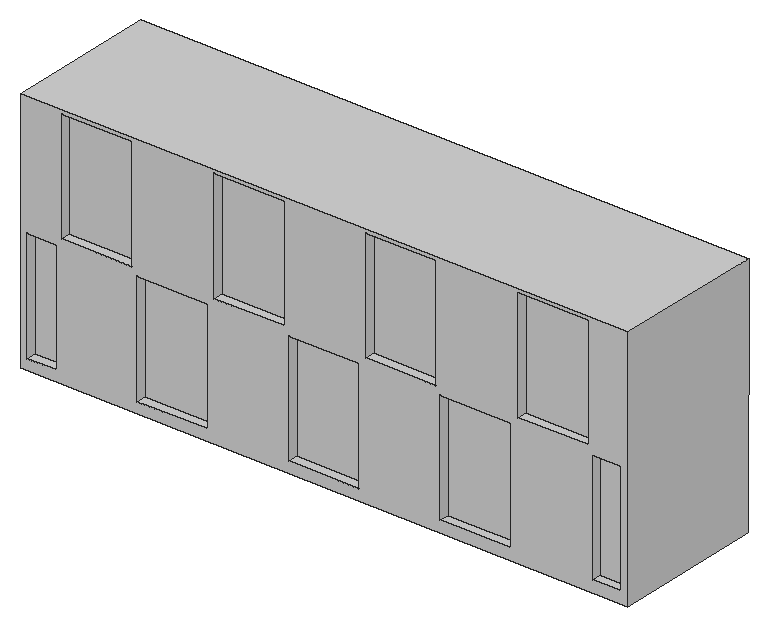
Revit family "SA 5H8W", category Mechanical Equipment, Revit 2019
Family settings
  Round Connector Dimension = Use Diameter
  Part Type = Normal
  OmniClass Number = 23.75.00.00
  OmniClass Title = Climate Control (HVAC)
  Work Plane-Based = No
  Always vertical = Yes
  Cut with Voids When Loaded = No
  Shared = No
  Room Calculation Point = No
Parameters (values of type "5H8W SA")
  Width = 5' - 4 1/2"
  Weight (lbs.) = "4477"
  URL = "www.renewaire.com"
  Model = "5H8W SA"
  Manufacturer = "Renewaire LLC"
  Length = 22' - 6 1/2"
  Housing = Metal - RenewAire - Anodized - Gray Text
  Height = 8' - 9 3/8"
  Description = "Energy Recovery Ventilator"
  Cores (L125-G5) = "40"
  Airflow Range (CFM) = "10,000-44,000"
Reference planes (in)
  plane 1 "Center (Front/Back)": y = 0
  plane 2: z = 0
  plane 3 "Center (Left/Right)": x = 0
Forms (in)
  Extrusion 1, solid, material "Metal - RenewAire - Anodized - Gray Text" <- "Housing"
    sketch origin (0, -16.07731, 0) x (0, 1, 0) y (0, 0, 1)
      loop
        line (32.26413, 125.25) -> (-32.26413, 125.25) -> (-32.26413, 19.875) -> (32.26413, 19.875) -> (32.26413, 125.25)
    from 0 to 260.5
  Extrusion 2, void
    sketch origin (0.62375, -14.11828, 19.48574) x (1, 0, 0) y (0, 0, 1)
      loop
        line (2.375, 53.375) -> (2.375, 5.25) -> (15.17072, 5.25) -> (15.17072, 53.375) -> (2.375, 53.375)
      loop
        line (49.50854, 53.375) -> (49.50854, 5.25) -> (79.83716, 5.25) -> (79.83716, 53.375) -> (49.50854, 53.375)
      loop
        line (47.32983, 104.5) -> (17.00122, 104.5) -> (17.00122, 56.375) -> (47.32983, 56.375) -> (47.32983, 104.5)
      loop
        line (82.52479, 104.5) -> (82.52479, 56.375) -> (112.77479, 56.375) -> (112.77479, 104.5) -> (82.52479, 104.5)
      loop
        line (114.375, 53.375) -> (114.375, 5.25) -> (144.625, 5.25) -> (144.625, 53.375) -> (114.375, 53.375)
      loop
        line (147.42055, 104.5) -> (147.42055, 56.375) -> (177.67055, 56.375) -> (177.67055, 104.5) -> (147.42055, 104.5)
      loop
        line (179.375, 53.375) -> (179.375, 5.25) -> (209.625, 5.25) -> (209.625, 53.375) -> (179.375, 53.375)
      loop
        line (212.66401, 104.5) -> (212.66401, 56.375) -> (242.91401, 56.375) -> (242.91401, 104.5) -> (212.66401, 104.5)
      loop
        line (244.625, 53.375) -> (244.625, 5.25) -> (257, 5.25) -> (257, 53.375) -> (244.625, 53.375)
    from 30 to 38.22316
  Extrusion 3, void
    sketch origin (1.03232, 49.88172, -1.14653) x (1, 0, 0) y (0, 0, 1)
      loop
        line (1.96643, 74.00727) -> (1.96643, 25.88013) -> (14.76215, 25.88013) -> (14.76215, 74.00727) -> (1.96643, 74.00727)
      loop
        line (49.09998, 74.00727) -> (49.09998, 25.88013) -> (79.42859, 25.88013) -> (79.42859, 74.00727) -> (49.09998, 74.00727)
      loop
        line (46.92126, 125.13227) -> (16.59265, 125.13227) -> (16.59265, 77.00727) -> (46.92126, 77.00727) -> (46.92126, 125.13227)
      loop
        line (82.11622, 125.13227) -> (82.11622, 77.00727) -> (112.36622, 77.00727) -> (112.36622, 125.13227) -> (82.11622, 125.13227)
      loop
        line (144.21643, 74.00727) -> (113.96643, 74.00727) -> (113.96643, 25.88227) -> (144.21643, 25.88227) -> (144.21643, 74.00727)
      loop
        line (177.26198, 125.13227) -> (147.01198, 125.13227) -> (147.01198, 77.00727) -> (177.26198, 77.00727) -> (177.26198, 125.13227)
      loop
        line (209.21643, 74.00727) -> (178.96643, 74.00727) -> (178.96643, 25.88227) -> (209.21643, 25.88227) -> (209.21643, 74.00727)
      loop
        line (242.50544, 125.13227) -> (212.25544, 125.13227) -> (212.25544, 77.00727) -> (242.50544, 77.00727) -> (242.50544, 125.13227)
      loop
        line (256.59143, 74.00727) -> (244.21643, 74.00727) -> (244.21643, 25.88227) -> (256.59143, 25.88227) -> (256.59143, 74.00727)
    from 30 to 38.22316
Cuts and joins
  Extrusion 2, Extrusion 3 cuts Extrusion 1
Dimensions and locks (in)
  aligned and locked: level to plane 2
